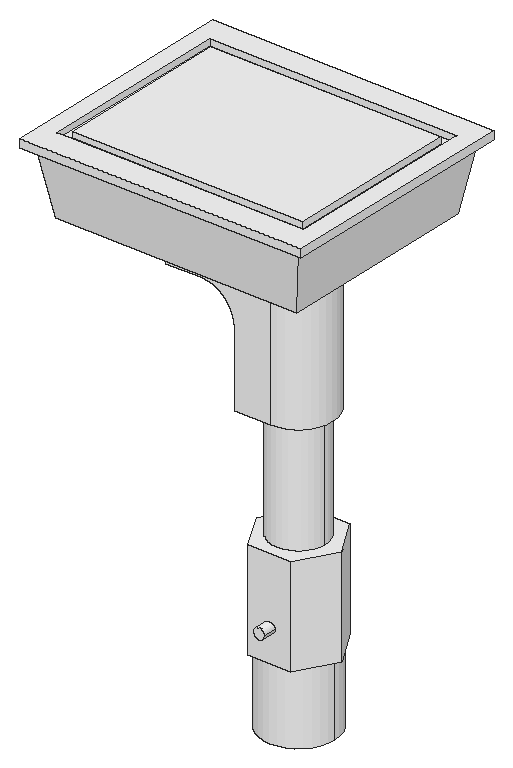
Revit family "Plumbing Fixture-Wall and Ground_Hydrant_Mifab_MHY-60", category Plumbing Fixtures, host Face, Revit 2013
Parameters (values of type "MHY-60-1")
  WFU = 0
  URL = "www.mifab.com"
  Model = "MHY-60"
  Manufacturer = "MIFAB"
  Hydrant Material = Chrome Plated
  Description = "Lawn / Ground Hydrant"
  Default Elevation = 0.000"
  Bury Depth = 12.000"
Types (11): name | URL | Description | Bury Depth
  (no name) | "www.mifab.com" | "Lawn / Ground Hydrant" | 12.000"
  MHY-60-1 | "www.mifab.com" | "Lawn / Ground Hydrant" | 12.000"
  MHY-60-2 | "WWW.MIFAB.COM" | "LAWN / GROUND HYDRANT" | 24.000"
  MHY-60-3 | "WWW.MIFAB.COM" | "LAWN / GROUND HYDRANT" | 36.000"
  MHY-60-4 | "WWW.MIFAB.COM" | "LAWN / GROUND HYDRANT" | 48.000"
  MHY-60-5 | "WWW.MIFAB.COM" | "LAWN / GROUND HYDRANT" | 60.000"
  MHY-60-6 | "WWW.MIFAB.COM" | "LAWN / GROUND HYDRANT" | 72.000"
  MHY-60-7 | "WWW.MIFAB.COM" | "LAWN / GROUND HYDRANT" | 84.000"
  MHY-60-8 | "WWW.MIFAB.COM" | "LAWN / GROUND HYDRANT" | 96.000"
  MHY-60-9 | "WWW.MIFAB.COM" | "LAWN / GROUND HYDRANT" | 108.000"
  MHY-60-10 | "WWW.MIFAB.COM" | "LAWN / GROUND HYDRANT" | 120.000"
Reference planes (in)
  plane 1 "Center (Front/Back)": y = 0
  plane 2: z = 0
  plane 3 "Center (Left/Right)": x = 0
  plane 4: z = -8
  plane 5: z = -12
  plane 6: z = -0.2
  plane 7: z = -1.95
  plane 8: z = -5.364
  plane 9: x = 0.966
Forms (in)
  Extrusion 1, solid, material "Chrome Plated" <- "Hydrant Material"
    sketch origin (-0.41379, 0, -10.36788) x (1, 0, 0) y (0, 1, 0)
      loop
        circle (1.38, 0) r 0.625
    from 2.36788 to 5.00388
  Extrusion 2, solid, material "Chrome Plated" <- "Hydrant Material"
    sketch origin (-0.41379, 0, -18.00514) x (1, 0, 0) y (0, 1, 0)
      loop
        line (-1.62512, 0.95206) -> (-1.62512, -0.95974) -> (2.64683, -0.95974) -> (2.64683, 0.95206) -> (-1.62512, 0.95206)
    from 16.05514 to 16.30514
  Extrusion 3, solid, material "Chrome Plated" <- "Hydrant Material"
    sketch origin (-0.41379, 0, -18.00514) x (1, 0, 0) y (0, 1, 0)
      loop
        arc (1.38, -0.8125) -> (2.1925, 0) -> (1.38, 0.8125) r 0.8125
        line (1.38, 0.8125) -> (1.38, -0.8125)
    from 12.64114 to 16.05514
  Extrusion 4, solid, material "Chrome Plated" <- "Hydrant Material"
    sketch origin (-0.41379, 0, -18.00514) x (1, 0, 0) y (0, 0, 1)
      loop
        line (-1.398, 16.05514) -> (-1.398, 15.83003) -> (-1.055, 15.78703) -> (-1.055, 15.1529) -> (-0.24047, 15.1529)
        arc (-0.24047, 15.1529) -> (0.31997, 14.92075) -> (0.55211, 14.36031) r 0.79258
        line (0.55211, 14.36031) -> (0.55211, 12.64114) -> (1.38, 12.64114) -> (1.38, 16.05514) -> (-1.398, 16.05514)
    from -0.8125 to 0.8125
  Extrusion 5, solid
    sketch origin (-0.41379, 0, -18.00514) x (1, 0, 0) y (0, 1, 0)
      loop
        circle (-0.38412, 0) r 0.739
    from 16.30514 to 16.37894
  Extrusion 6, solid
    sketch origin (-0.41379, 0, -18.00514) x (1, 0, 0) y (0, 1, 0)
      loop
        circle (-0.38412, 0) r 0.70723
    from 16.37894 to 16.74065
  Extrusion 7, solid
    sketch origin (-0.41379, 0, -18.00514) x (1, 0, 0) y (0, 1, 0)
      loop
        circle (-0.38412, 0) r 0.444
    from 16.74065 to 17.43692
  Extrusion 8, solid
    sketch origin (-0.41379, 0, -18.00514) x (1, 0, 0) y (0, 1, 0)
      loop
        line (0.7505, 0) -> (1.06525, -0.54516) -> (1.69475, -0.54516) -> (2.0095, 0) -> (1.69475, 0.54516) -> (1.06525, 0.54516) -> (0.7505, 0)
    from 16.30514 to 16.74065
  Extrusion 9, solid
    sketch origin (1.35033, 0, -18.00514) x (1, 0, 0) y (0, 1, 0)
      loop
        circle (-0.38412, 0) r 0.444
    from 16.74065 to 17.3299
  Extrusion 10, solid, material "Chrome Plated" <- "Hydrant Material"
    sketch origin (-0.61086, 0, -10.36788) x (1, 0, 0) y (0, 1, 0)
      loop
        line (-2.46414, 2.60866) -> (-2.46414, -2.60866) -> (3.68586, -2.60866) -> (3.68586, 2.60866) -> (-2.46414, 2.60866)
    from 10.16788 to 8.66788
  Extrusion 11, solid, material "Chrome Plated" <- "Hydrant Material"
    sketch origin (-0.41379, 0, -10.36788) x (1, 0, 0) y (0, 1, 0)
      loop
        line (-2.86121, 2.80866) -> (-2.86121, -2.80866) -> (3.68879, -2.80866) -> (3.68879, 2.80866) -> (-2.86121, 2.80866)
    from 10.16788 to 10.36788
  Extrusion 12, void
    sketch origin (-0.41379, 0, -10.36788) x (1, 0, 0) y (0, 0, 1)
      loop
        line (3.48879, 10.16788) -> (3.2243, 8.66788) -> (3.48879, 8.66788) -> (3.48879, 10.16788)
      loop
        line (-2.66121, 10.16788) -> (-2.66121, 8.66788) -> (-2.39672, 8.66788) -> (-2.66121, 10.16788)
    from -2.60866 to 2.60866
  Extrusion 13, void
    sketch origin (-0.41379, 0, -10.36788) x (0, 1, 0) y (0, 0, 1)
      loop
        line (2.60866, 10.16788) -> (2.34417, 8.66788) -> (2.60866, 8.66788) -> (2.60866, 10.16788)
      loop
        line (-2.60866, 10.16788) -> (-2.60866, 8.66788) -> (-2.34417, 8.66788) -> (-2.60866, 10.16788)
    from -2.66121 to 3.48879
  Revolve 14, solid, material "Chrome Plated" <- "Hydrant Material"
    sketch origin (0, 0, 0) x (1, 0, 0) y (0, 0, 1)
      loop
        line (0.98038, -8) -> (0.13816, -8) -> (0.13816, -12) -> (0.98038, -12) -> (0.98038, -8)
      axis (0.98038, -8) -> (0.98038, -12)
    angle from 0 to 360
  Extrusion 15, solid, material "Chrome Plated" <- "Hydrant Material"
    sketch origin (-8.22916, -180, -8) x (0, -1, 0) y (-1, 0, 0)
      loop
        line (-180.88671, -9.69718) -> (-179.96366, -10.2301) -> (-179.10612, -9.735) -> (-179.10612, -8.73898) -> (-180, -8.2229) -> (-180.88671, -8.73484) -> (-180.88671, -9.69718)
    from 0 to 2.29542
  Extrusion 16, solid, material "Chrome Plated" <- "Hydrant Material"
    sketch origin (0, 0, 0) x (1, 0, 0) y (0, 0, 1)
      loop
        circle (1.00783, -9.54542) r 0.125
    from 0 to 1.18836
  Extrusion 17, void
    sketch origin (0, 0, 0) x (1, 0, 0) y (0, 1, 0)
      loop
        line (-2.88203, 2.22009) -> (-2.88203, -2.22009) -> (2.88203, -2.22009) -> (2.88203, 2.22009) -> (-2.88203, 2.22009)
      loop
        line (-2.68203, 2.02009) -> (-2.68203, -2.02009) -> (2.68203, -2.02009) -> (2.68203, 2.02009) -> (-2.68203, 2.02009)
    from 0 to -0.13364
Cuts and joins
  Extrusion 17 cuts Extrusion 1
  Extrusion 17 cuts Extrusion 2
  Extrusion 17 cuts Extrusion 3
  Extrusion 17 cuts Extrusion 4
  Extrusion 12, Extrusion 13, Extrusion 17 cuts Extrusion 10
  Extrusion 17 cuts Extrusion 11
  Extrusion 17 cuts Revolve 14
  Extrusion 17 cuts Extrusion 15
  Extrusion 17 cuts Extrusion 16
  joined: Extrusion 1, Extrusion 2, Extrusion 3, Extrusion 4, Extrusion 10, Extrusion 11, Revolve 14, Extrusion 15, Extrusion 16
Lines and regions (in)
  symbolic lines, style "PlumbingFixtures"
    curve 1: line (-3.38528, 2.8125, 0) -> (3.36472, 2.8125, 0)
    curve 2: line (-3.38528, -2.8125, 0) -> (-3.38528, 2.8125, 0)
    curve 3: line (3.36472, -2.8125, 0) -> (-3.38528, -2.8125, 0)
    curve 4: line (3.36472, 2.8125, 0) -> (3.36472, -2.8125, 0)
Dimensions and locks (in)
  locked: Extrusion 11 sketch curve to Extrusion 11 sketch curve at 5.61731
  locked: Extrusion 11 sketch curve to Extrusion 11 sketch curve at 6.55
  locked: Extrusion 11 to Extrusion 11 at 0.2
  Extrusion 11 sketch curve to Extrusion 11 sketch curve = 5.61731"
  locked: plane 4 to plane 5 at 4
  locked: plane 7 to plane 8 at 3.414
  locked: plane 6 to plane 8 at 5.164
  curve 2 to curve 4 = 6.750"  (x2)
  curve 4 to curve 2 = 6.750"
  plane 3 "Center (Left/Right)" to plane 9 = 0.966"
  "Bury Depth": level to plane 5
  aligned and locked: plane 2 to host face
  aligned and locked: level to host face
  aligned and locked: Extrusion 4 to Extrusion 1
  aligned and locked: Extrusion 2 to Extrusion 10
  aligned and locked: Extrusion 11 to Extrusion 10
  aligned and locked: Extrusion 12 to Extrusion 10
  aligned and locked: Extrusion 13 to Extrusion 10  (x2)
  aligned and locked: Extrusion 3 to Extrusion 1
  aligned and locked: Extrusion 4 to Extrusion 3
  aligned and locked: Extrusion 4 to Extrusion 2
  aligned and locked: Extrusion 13 to Extrusion 2
  aligned and locked: Extrusion 13 to Extrusion 5
  aligned and locked: Extrusion 3 to Extrusion 2
  aligned and locked: Extrusion 3 to Extrusion 4
  aligned and locked: Extrusion 11 to plane 6
  aligned and locked: Extrusion 13 to Extrusion 8
  aligned and locked: Extrusion 2 to Extrusion 5
  aligned and locked: Extrusion 8 to Extrusion 2
  aligned and locked: Extrusion 5 to Extrusion 8
  aligned and locked: Extrusion 6 to Extrusion 5
  aligned and locked: Extrusion 6 to Extrusion 7
  aligned and locked: Extrusion 7 to Extrusion 8
  aligned and locked: Extrusion 6 to Extrusion 9
  aligned and locked: Extrusion 8 to Extrusion 6
  aligned and locked: plane 6 to Extrusion 11
  aligned and locked: level to Extrusion 11
  aligned and locked: Extrusion 1 to plane 4
  aligned and locked: plane 7 to Extrusion 2
  aligned and locked: Extrusion 3 to plane 8
  aligned and locked: host face to Extrusion 11
  aligned and locked: plane 5 to Revolve 14 sketch curve
  aligned and locked: Extrusion 16 to plane 1 "Center (Front/Back)"
Automatic sketch dimensions
  curve 1 to plane 3 "Center (Left/Right)" = 3.38528"
  plane 1 "Center (Front/Back)" to curve 4 = 2.8125"
  curve 1 to plane 1 "Center (Front/Back)" = 2.8125"
  host sketch curve to host sketch curve = 20.58785"
  host sketch curve to host sketch curve = 16.42037"
  plane 1 "Center (Front/Back)" to Extrusion 1 sketch curve = 0.000"
  plane 3 "Center (Left/Right)" to Extrusion 1 sketch curve = 0.96621"
  Extrusion 2 sketch curve to plane 1 "Center (Front/Back)" = 0.95206"
  Extrusion 2 sketch curve to plane 3 "Center (Left/Right)" = 2.03891"
  plane 1 "Center (Front/Back)" to Extrusion 2 sketch curve = 0.95974"
  plane 3 "Center (Left/Right)" to Extrusion 2 sketch curve = 2.23304"
  plane 3 "Center (Left/Right)" to Extrusion 3 sketch curve = 0.96621"
  plane 1 "Center (Front/Back)" to Extrusion 3 sketch curve = 0.8125"
  plane 1 "Center (Front/Back)" to Extrusion 3 sketch curve = 0.000"
  Extrusion 4 sketch curve to plane 7 = 0.000"
  Extrusion 4 sketch curve to plane 8 = 0.000"
  Extrusion 4 sketch curve to plane 3 "Center (Left/Right)" = 1.81179"
  plane 3 "Center (Left/Right)" to Extrusion 4 sketch curve = 0.13832"
  Extrusion 4 sketch curve to plane 7 = 1.69483"
  Extrusion 4 sketch curve to Extrusion 4 sketch curve = 0.343"
  Extrusion 4 sketch curve to plane 3 "Center (Left/Right)" = 0.65426"
  plane 3 "Center (Left/Right)" to Extrusion 4 sketch curve = 0.96621"
  Extrusion 4 sketch curve to plane 7 = 0.26811"
  Extrusion 4 sketch curve to plane 7 = 0.22511"
  plane 1 "Center (Front/Back)" to Extrusion 5 sketch curve = 0.000"
  Extrusion 5 sketch curve to plane 3 "Center (Left/Right)" = 0.79791"
  plane 1 "Center (Front/Back)" to Extrusion 6 sketch curve = 0.000"
  Extrusion 6 sketch curve to plane 3 "Center (Left/Right)" = 0.79791"
  plane 1 "Center (Front/Back)" to Extrusion 7 sketch curve = 0.000"
  Extrusion 7 sketch curve to plane 3 "Center (Left/Right)" = 0.79791"
  plane 1 "Center (Front/Back)" to Extrusion 8 sketch curve = 0.000"  (x2)
  plane 3 "Center (Left/Right)" to Extrusion 8 sketch curve = 0.33671"
  plane 1 "Center (Front/Back)" to Extrusion 8 sketch curve = 0.54516"
  Extrusion 8 sketch curve to Extrusion 8 sketch curve = 0.31475"  (x3)
  Extrusion 8 sketch curve to plane 1 "Center (Front/Back)" = 0.54516"
  Extrusion 8 sketch curve to Extrusion 8 sketch curve = 0.6295"  (x2)
  plane 1 "Center (Front/Back)" to Extrusion 9 sketch curve = 0.000"
  plane 3 "Center (Left/Right)" to Extrusion 9 sketch curve = 0.96621"
  Extrusion 10 sketch curve to plane 3 "Center (Left/Right)" = 3.075"
  plane 1 "Center (Front/Back)" to Extrusion 10 sketch curve = 2.60866"
  plane 3 "Center (Left/Right)" to Extrusion 10 sketch curve = 3.075"
  Extrusion 10 sketch curve to plane 1 "Center (Front/Back)" = 2.60866"
  Extrusion 11 sketch curve to plane 3 "Center (Left/Right)" = 3.275"
  plane 1 "Center (Front/Back)" to Extrusion 11 sketch curve = 2.80866"
  Extrusion 12 sketch curve to plane 6 = 0.000"  (x2)
  Extrusion 12 sketch curve to plane 3 "Center (Left/Right)" = 3.075"
  plane 7 to Extrusion 12 sketch curve = 0.250"  (x2)
  Extrusion 12 sketch curve to Extrusion 12 sketch curve = 0.26449"  (x2)
  plane 3 "Center (Left/Right)" to Extrusion 12 sketch curve = 2.81051"
  Extrusion 13 sketch curve to plane 6 = 0.000"  (x2)
  plane 1 "Center (Front/Back)" to Extrusion 13 sketch curve = 2.60866"
  plane 7 to Extrusion 13 sketch curve = 0.250"  (x2)
  Extrusion 13 sketch curve to Extrusion 13 sketch curve = 0.26449"  (x2)
  Extrusion 13 sketch curve to plane 1 "Center (Front/Back)" = 2.34417"
  plane 1 "Center (Front/Back)" to Extrusion 15 sketch curve = 0.000"
  Extrusion 15 sketch curve to plane 3 "Center (Left/Right)" = 0.00626"
  Extrusion 15 sketch curve to plane 1 "Center (Front/Back)" = 0.88671"
  plane 1 "Center (Front/Back)" to Extrusion 15 sketch curve = 0.03634"
  plane 1 "Center (Front/Back)" to Extrusion 15 sketch curve = 0.89388"
  Extrusion 15 sketch curve to plane 9 = 0.46032"
  Extrusion 15 sketch curve to plane 9 = 0.45618"
  plane 9 to Extrusion 15 sketch curve = 0.50202"
  plane 9 to Extrusion 15 sketch curve = 0.53985"
  Extrusion 15 sketch curve to Extrusion 15 sketch curve = 0.4951"
  Revolve 14 sketch curve to plane 4 = 0.000"  (x2)
  plane 3 "Center (Left/Right)" to Revolve 14 sketch curve = 0.13816"
  Revolve 14 sketch curve to Revolve 14 sketch curve = 0.84223"
  Revolve 14 sketch curve to Revolve 14 sketch curve = 0.000"
  Revolve 14 sketch curve to Revolve 14 sketch curve = 1.739"
  plane 3 "Center (Left/Right)" to Extrusion 16 sketch curve = 1.00783"
  Extrusion 16 sketch curve to plane 4 = 1.54542"
  Extrusion 17 sketch curve to plane 3 "Center (Left/Right)" = 2.88203"
  plane 1 "Center (Front/Back)" to Extrusion 17 sketch curve = 2.22009"
  Extrusion 17 sketch curve to Extrusion 17 sketch curve = 0.200"  (x4)
  plane 3 "Center (Left/Right)" to Extrusion 17 sketch curve = 2.68203"
  Extrusion 17 sketch curve to plane 1 "Center (Front/Back)" = 2.02009"
  radius of Extrusion 1 sketch curve = 0.625"
  radius of Extrusion 5 sketch curve = 0.739"
  radius of Extrusion 6 sketch curve = 0.70723"
  radius of Extrusion 7 sketch curve = 0.444"
  radius of Extrusion 9 sketch curve = 0.444"
  radius of Extrusion 16 sketch curve = 0.125"
Connectors (in)
  piping at (0.98038, 0, -12)
    settings: on cut or joined group of Extrusion 1, Extrusion 2, Extrusion 3, Extrusion 4, Extrusion 10, Extrusion 11, Extrusion 12, Extrusion 13, Revolve 14, Extrusion 15, Extrusion 16, Extrusion 17, index 1, connector radius 1/2", flow factor 0, pipe flow 0 GPM, pressure drop 0.00 psi, fitting loss kfactor 0, connector angle 0.00°, fixture units 0, engagement length 0.000", flow configuration 0, flow direction 0, fitting loss method 0, system type 7, joint type 0, gender type 0, connector reference index -1, connector utility 0, adjustable connector no, is connector primary yes, fitting loss table "", connector description "Inlet"
  piping at (0.96621, 0, -0.67524)
    settings: on Extrusion 9, index 2, connector radius 3/8", flow factor 0, pipe flow 0 GPM, pressure drop 0.00 psi, fitting loss kfactor 0, connector angle 0.00°, fixture units 0, engagement length 0.000", flow configuration 0, flow direction 0, fitting loss method 0, system type 7, joint type 0, gender type 0, connector reference index -1, connector utility 0, adjustable connector no, is connector primary no, fitting loss table "", connector description "Male Hose"
